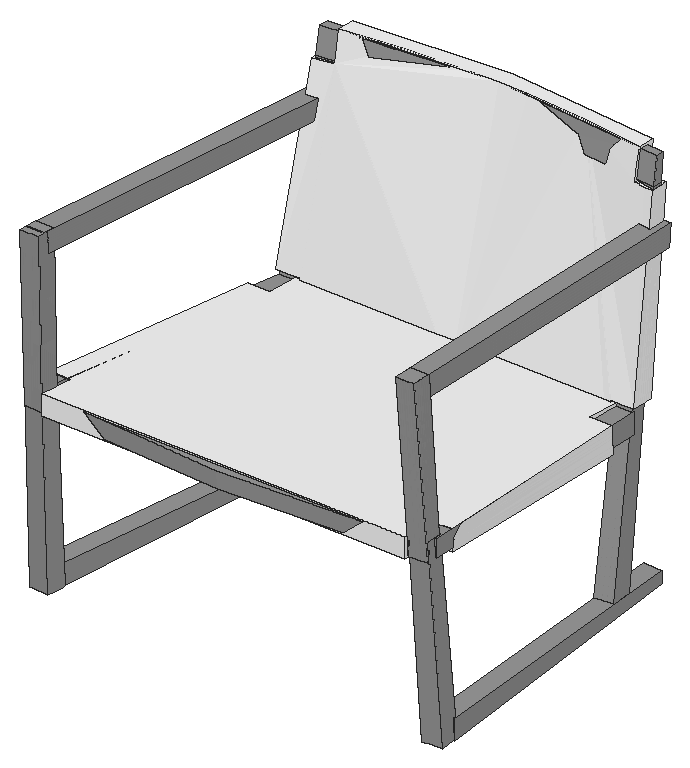
Revit family "Andreu World Serena Teak BU-1193", category Mobiliario, Revit 2014
Parameters (values of type "BU-1193")
  Width = 790 mm
  Upholstery = Indoor Sand Woven Band
  URL = "https://www.andreuworld.com/workspaces"
  Structure Finish = Andreu World Wood Finish
  Reference = "BU-1193"  # constant formula
  Modelo = "Serena Teak"  # constant formula
  Height = 725 mm
  Fabricante = "Andreu World"  # constant formula
  Descripción = "Lounge chair with webbing seat and backrest and solid teak wood frame"  # constant formula
  Depth = 695 mm
Reference planes
  plane 1 "Centro (Frontal/Posterior)": y = 0
  plane 2: z = 0
  plane 3 "Centro (Izquierda/Derecha)": x = 0
  plane 4: y = 347.5
  plane 5: x = 395
  plane 6: y = -347.5
  plane 7: x = -395
  plane 8: z = 725
Forms (mm)
  Blend 1, solid, material "Andreu World Wood Finish" <- "Structure Finish", detail levels medium+fine
    base sketch origin (0, 0, 0) x (1, 0, 0) y (0, 0, 1)
      loop
        line (-338.254, 23.7) -> (-338.254, 0) -> (-303.149, 0) -> (-303.149, 23.7) -> (-338.254, 23.7)
    top sketch origin (0, 0, 0) x (1, 0, 0) y (0, 0, 1)
      loop
        line (-395, 0) -> (-357.85, 0) -> (-357.85, 38.763) -> (-395, 38.763) -> (-395, 0)
    from -294.797 to 271.689
  Blend 2, solid, material "Andreu World Wood Finish" <- "Structure Finish", detail levels medium+fine
    base sketch origin (0, 0, 0) x (-1, 0, 0) y (0, 0, -1)
      loop
        line (-338.254, -23.7) -> (-303.149, -23.7) -> (-303.149, 0) -> (-338.254, 0) -> (-338.254, -23.7)
    top sketch origin (0, 0, 0) x (-1, 0, 0) y (0, 0, -1)
      loop
        line (-395, 0) -> (-395, -38.763) -> (-357.85, -38.763) -> (-357.85, 0) -> (-395, 0)
    from -294.797 to 271.689
  Blend 3, solid, material "Andreu World Wood Finish" <- "Structure Finish", detail levels medium+fine
    base sketch origin (0, 0, 0) x (1, 0, 0) y (0, 0, 1)
      loop
        line (-305.66, 286.665) -> (-305.66, 325.534) -> (-338.749, 325.534) -> (-338.749, 286.665) -> (-305.66, 286.665)
    top sketch origin (0, 0, 0) x (1, 0, 0) y (0, 0, 1)
      loop
        line (-389.004, 359.44) -> (-389.004, 327.549) -> (-355.453, 327.549) -> (-355.453, 359.44) -> (-389.004, 359.44)
    from -225.829 to 307.058
  Blend 4, solid, material "Andreu World Wood Finish" <- "Structure Finish", detail levels medium+fine
    base sketch origin (0, 0, 0) x (-1, 0, 0) y (0, 0, -1)
      loop
        line (-305.66, -286.665) -> (-338.749, -286.665) -> (-338.749, -325.534) -> (-305.66, -325.534) -> (-305.66, -286.665)
    top sketch origin (0, 0, 0) x (-1, 0, 0) y (0, 0, -1)
      loop
        line (-389.004, -359.44) -> (-355.453, -359.44) -> (-355.453, -327.549) -> (-389.004, -327.549) -> (-389.004, -359.44)
    from -225.829 to 307.058
  Blend 5, solid, material "Andreu World Wood Finish" <- "Structure Finish", detail levels medium+fine
    base sketch origin (0, 0, 0) x (-1, 0, 0) y (0, -1, 0)
      loop
        line (-395, 300.442) -> (-391.577, 263.804) -> (-354.591, 267.259) -> (-358.014, 303.898) -> (-395, 300.442)
    top sketch origin (0, 0, 0) x (-1, 0, 0) y (0, -1, 0)
      loop
        line (-384.977, 324.957) -> (-381.843, 291.152) -> (-347.971, 294.292) -> (-351.105, 328.097) -> (-384.977, 324.957)
    from 0 to 358.418
  Blend 6, solid, material "Andreu World Wood Finish" <- "Structure Finish", detail levels medium+fine
    base sketch origin (0, 0, 0) x (1, 0, 0) y (0, 1, 0)
      loop
        line (-345.117, 205.634) -> (-349.298, 165.854) -> (-314.368, 162.183) -> (-310.524, 201.998) -> (-345.117, 205.634)
    top sketch origin (0, 0, 0) x (1, 0, 0) y (0, 1, 0)
      loop
        line (-321.801, 312.664) -> (-323.544, 292.741) -> (-291.019, 298.476) -> (-289.276, 318.4) -> (-321.801, 312.664)
    from 25.796 to 676.606
  Blend 7, solid, material "Andreu World Wood Finish" <- "Structure Finish", detail levels medium+fine
    base sketch origin (0, 0, 0) x (-1, 0, 0) y (0, -1, 0)
      loop
        line (-345.117, -205.634) -> (-310.524, -201.998) -> (-314.368, -162.183) -> (-349.298, -165.854) -> (-345.117, -205.634)
    top sketch origin (0, 0, 0) x (-1, 0, 0) y (0, -1, 0)
      loop
        line (-321.801, -312.664) -> (-289.276, -318.4) -> (-291.019, -298.476) -> (-323.544, -292.741) -> (-321.801, -312.664)
    from 25.796 to 676.606
  Blend 8, solid, material "Andreu World Wood Finish" <- "Structure Finish", detail levels medium+fine
    base sketch origin (0, 0, 0) x (1, 0, 0) y (0, 1, 0)
      loop
        line (-321.801, 312.664) -> (-323.544, 292.741)
        arc (-323.544, 292.741) -> (0, 322.102) -> (323.544, 292.741) r 1797.308
        line (323.544, 292.741) -> (321.801, 312.664)
        arc (321.801, 312.664) -> (0, 347.27) -> (-321.801, 312.664) r 1513.541
    top sketch origin (0, 0, 0) x (1, 0, 0) y (0, 1, 0)
      loop
        line (-320.331, 318.73) -> (-321.826, 301.643)
        arc (-321.826, 301.643) -> (0, 330.117) -> (321.826, 301.643) r 1832.977
        line (321.826, 301.643) -> (320.331, 318.73)
        arc (320.331, 318.73) -> (0, 347.341) -> (-320.331, 318.73) r 1807.553
    from 676.606 to 725
  Blend 9, solid, material "Andreu World Wood Finish" <- "Structure Finish", detail levels medium+fine
    base sketch origin (0, 0, 0) x (1, 0, 0) y (0, 1, 0)
      loop
        line (-312.703, 169.64) -> (311.456, 169.64) -> (311.456, 208.767) -> (-312.703, 208.767) -> (-312.703, 169.64)
    top sketch origin (0, 0, 0) x (1, 0, 0) y (0, 1, 0)
      loop
        line (-312.703, 218.711) -> (-312.703, 179.987) -> (312.091, 179.987) -> (312.091, 218.711) -> (-312.703, 218.711)
    from 291.568 to 319.193
  Blend 10, solid, material "Andreu World Wood Finish" <- "Structure Finish", detail levels medium+fine
    base sketch origin (0, 0, 0) x (1, 0, 0) y (0, 1, 0)
      loop
        line (-349.292, -291.845) -> (-351.73, -325.906)
        arc (-351.73, -325.906) -> (0, -345.277) -> (351.73, -325.906) r 3203.064
        line (351.73, -325.906) -> (349.292, -291.845) -> (-349.292, -291.845)
    top sketch origin (0, 0, 0) x (1, 0, 0) y (0, 1, 0)
      loop
        line (-349.292, -294.269) -> (-352.163, -327.979)
        arc (-352.163, -327.979) -> (0, -347.439) -> (352.163, -327.979) r 3196.271
        line (352.163, -327.979) -> (349.292, -294.269) -> (-349.292, -294.269)
    from 325.534 to 358.418
  Blend 11, solid, material "Indoor Sand Woven Band" <- "Upholstery", detail levels medium+fine
    base sketch origin (0, 0, 0) x (1, 0, 0) y (0, 1, 0)
      loop
        line (-345, 254.888) -> (-345, 212.304) -> (345, 212.304) -> (345, 254.888) -> (-345, 254.888)
    top sketch origin (0, 0, 0) x (1, 0, 0) y (0, 1, 0)
      loop
        line (-320.978, 331.122) -> (-323.885, 297.9)
        arc (-323.885, 297.9) -> (0, 326.13) -> (323.885, 297.9) r 1872.058
        line (323.885, 297.9) -> (321.042, 330.393)
        arc (321.042, 330.393) -> (0.065, 359.902) -> (-320.978, 331.122) r 1782.484
    from 284.456 to 728.349
  Extrusion 12, void
    sketch origin (0, 0, 0) x (1, 0, 0) y (0, 0, 1)
      loop
        line (-337.385, 737.982) -> (-337.385, 672.982) -> (-287.385, 672.982) -> (-287.385, 737.982) -> (-337.385, 737.982)
      loop
        line (337.385, 737.982) -> (287.385, 737.982) -> (287.385, 672.982) -> (337.385, 672.982) -> (337.385, 737.982)
      loop
        line (-297.065, 333.76) -> (-357.065, 333.76) -> (-357.065, 273.76) -> (-297.065, 273.76) -> (-297.065, 333.76)
      loop
        line (297.065, 333.76) -> (297.065, 273.76) -> (357.065, 273.76) -> (357.065, 333.76) -> (297.065, 333.76)
    from -357.51 to -174.987
  Blend 13, solid, material "Indoor Sand Woven Band" <- "Upholstery", detail levels medium+fine
    base sketch origin (0, 0, 0) x (1, 0, 0) y (0, 0, 1)
      loop
        line (-342.385, 330.428) -> (-344.98, 280.428) -> (344.98, 280.428) -> (342.385, 330.428) -> (-342.385, 330.428)
    top sketch origin (0, 0, 0) x (1, 0, 0) y (0, 0, 1)
      loop
        line (-393.636, 361.936) -> (-393.636, 324.44) -> (392.729, 324.44) -> (392.729, 361.936) -> (-393.636, 361.936)
    from -225.829 to 355.709
  Extrusion 14, void
    sketch origin (0, 0, 0) x (1, 0, 0) y (0, 1, 0)
      loop
        line (-395, -262.5) -> (-405.453, -361.952) -> (405.453, -361.952) -> (395, -262.5) -> (345.274, -267.726) -> (347.542, -332.687)
        arc (347.542, -332.687) -> (0, -350.724) -> (-347.542, -332.687) r 3357.319
        line (-347.542, -332.687) -> (-345.274, -267.726) -> (-395, -262.5)
      loop
        line (-363.575, 243.279) -> (-363.575, 161.398) -> (-306.179, 161.398) -> (-306.179, 243.279) -> (-363.575, 243.279)
      loop
        line (363.575, 229.375) -> (306.179, 229.375) -> (306.179, 161.398) -> (363.575, 161.398) -> (363.575, 229.375)
    from 271.815 to 372.072
  Blend 15, solid, material "Andreu World Wood Finish" <- "Structure Finish", detail levels medium+fine
    base sketch origin (0, 0, 0) x (1, 0, 0) y (0, 0, 1)
      loop
        line (342.851, 573.784) -> (340.759, 612.547) -> (305.374, 612.547) -> (307.466, 573.784) -> (342.851, 573.784)
    top sketch origin (0, 0, 0) x (1, 0, 0) y (0, 0, 1)
      loop
        line (376.56, 600) -> (376.56, 638.603) -> (341.987, 638.603) -> (343.112, 600) -> (376.56, 600)
    from -318.73 to 332.687
  Blend 16, solid, material "Andreu World Wood Finish" <- "Structure Finish", detail levels medium+fine
    base sketch origin (0, 0, 0) x (1, 0, 0) y (0, 1, 0)
      loop
        line (381.845, -291.166) -> (347.98, -294.306) -> (351.112, -328.096) -> (384.977, -324.957) -> (381.845, -291.166)
    top sketch origin (0, 0, 0) x (1, 0, 0) y (0, 1, 0)
      loop
        line (376.645, -347.5) -> (376.645, -310.82) -> (341.645, -310.82) -> (341.645, -347.5) -> (376.645, -347.5)
    from 325.534 to 638.603
  Blend 17, solid, material "Andreu World Wood Finish" <- "Structure Finish", detail levels medium+fine
    base sketch origin (0, 0, 0) x (1, 0, 0) y (0, 1, 0)
      loop
        line (-395, -300.442) -> (-358.014, -303.898) -> (-354.591, -267.259) -> (-391.577, -263.804) -> (-395, -300.442)
    top sketch origin (0, 0, 0) x (1, 0, 0) y (0, 1, 0)
      loop
        line (-384.977, -324.957) -> (-351.105, -328.097) -> (-347.971, -294.292) -> (-381.843, -291.152) -> (-384.977, -324.957)
    from 0 to 358.418
  Blend 18, solid, material "Andreu World Wood Finish" <- "Structure Finish", detail levels medium+fine
    base sketch origin (0, 0, 0) x (-1, 0, 0) y (0, -1, 0)
      loop
        line (381.845, 291.166) -> (384.977, 324.957) -> (351.112, 328.096) -> (347.98, 294.306) -> (381.845, 291.166)
    top sketch origin (0, 0, 0) x (-1, 0, 0) y (0, -1, 0)
      loop
        line (376.645, 347.5) -> (341.645, 347.5) -> (341.645, 310.82) -> (376.645, 310.82) -> (376.645, 347.5)
    from 325.534 to 638.603
  Extrusion 19, void
    sketch origin (0, 0, 0) x (0, 1, 0) y (0, 0, 1)
      loop
        line (312.782, 621.645) -> (303.739, 568.482) -> (328.739, 568.482) -> (328.739, 621.645) -> (312.782, 621.645)
    from -370.441 to 354.422
  Blend 20, solid, material "Andreu World Wood Finish" <- "Structure Finish", detail levels medium+fine
    base sketch origin (0, 0, 0) x (-1, 0, 0) y (0, 0, -1)
      loop
        line (342.851, -573.784) -> (307.466, -573.784) -> (305.374, -612.547) -> (340.759, -612.547) -> (342.851, -573.784)
    top sketch origin (0, 0, 0) x (-1, 0, 0) y (0, 0, -1)
      loop
        line (376.56, -600) -> (343.112, -600) -> (341.987, -638.603) -> (376.56, -638.603) -> (376.56, -600)
    from -318.73 to 332.687
Cuts and joins
  Extrusion 12 cuts Blend 11
  Extrusion 14 cuts Blend 13
  Extrusion 19 cuts Blend 15
  joined: Blend 5, Blend 15, Blend 16
  Extrusion 19 cuts Blend 20
Lines and regions (mm)
  model lines, detail levels coarse+medium
    curve 1: line (-395, -300.442, 0) -> (-338.254, 299.797, 0)
    curve 2: line (-338.254, 299.797, 0) -> (-326.408, 299.797, 0)
    curve 3: line (-320.331, 318.73, 0) -> (-343.2, 247.476, 0)
    curve 4: line (-321.826, 301.643, 0) -> (-350.825, 166.823, 0)
    curve 5: line (384.977, -324.957, 0) -> (395, -300.442, 0)
    curve 6: line (395, -300.442, 0) -> (338.254, 299.797, 0)
    curve 7: line (338.254, 299.797, 0) -> (326.408, 299.797, 0)
    curve 8: line (320.331, 318.73, 0) -> (343.2, 247.476, 0)
    curve 9: line (321.826, 301.643, 0) -> (350.825, 166.823, 0)
    curve 10: arc (-320.331, 318.73, 0) -> (0, 347.341, 0) -> (320.331, 318.73, 0) r 1807.553
    curve 11: arc (-321.826, 301.643, 0) -> (0, 326.016, 0) -> (321.826, 301.643, 0) r 2136.95
    curve 12: arc (-342.655, 220.939, 0) -> (0, 234.557, 0) -> (342.655, 220.939, 0) r 4317.693
    curve 13: line (-320.331, 318.73, 0) -> (-321.826, 301.643, 0)
    curve 14: line (321.826, 301.643, 0) -> (320.331, 318.73, 0)
    curve 15: arc (-340.653, -329.847, 0) -> (0, -347.432, 0) -> (340.653, -329.847, 0) r 3308.356
    curve 16: line (-341.645, -347.5, 0) -> (-309.555, 223.446, 0)
    curve 17: line (-376.645, -347.5, 0) -> (-340.427, 311.505, 0)
    curve 18: line (-340.427, 311.505, 0) -> (-322.65, 311.505, 0)
    curve 19: line (-376.645, -347.5, 0) -> (-341.645, -347.5, 0)
    curve 20: line (-395, -300.442, 0) -> (-376.645, -347.5, 0)
    curve 21: line (341.645, -347.5, 0) -> (309.555, 223.446, 0)
    curve 22: line (376.645, -347.5, 0) -> (340.427, 311.505, 0)
    curve 23: line (376.645, -347.5, 0) -> (341.645, -347.5, 0)
    curve 24: line (395, -300.442, 0) -> (376.645, -347.5, 0)
    curve 25: line (340.427, 311.505, 0) -> (322.65, 311.505, 0)
Dimensions and locks
  equal spacing: plane 7, plane 3 "Centro (Izquierda/Derecha)", plane 5
  "Width": plane 7 to plane 5
  equal spacing: plane 4, plane 1 "Centro (Frontal/Posterior)", plane 6
  "Depth": plane 4 to plane 6
  "Height": plane 8 to level
  aligned and locked: level to plane 2
Automatic sketch dimensions
  Blend 1 sketch curve to level = 0 mm  (x2)
  plane 7 to Blend 1 sketch curve = 56.746 mm
  Blend 1 sketch curve to Blend 1 sketch curve = 35.104 mm
  level to Blend 1 sketch curve = 23.7 mm
  Blend 1 sketch curve to plane 7 = 0 mm
  plane 7 to Blend 1 sketch curve = 37.15 mm
  level to Blend 1 sketch curve = 38.763 mm
  Blend 2 sketch curve to level = 0 mm  (x2)
  plane 5 to Blend 2 sketch curve = 56.746 mm
  Blend 2 sketch curve to Blend 2 sketch curve = 35.104 mm
  Blend 2 sketch curve to level = 23.7 mm
  Blend 2 sketch curve to plane 5 = 0 mm
  plane 5 to Blend 2 sketch curve = 37.15 mm
  Blend 2 sketch curve to Blend 2 sketch curve = 38.763 mm
  plane 7 to Blend 3 sketch curve = 56.251 mm
  Blend 3 sketch curve to Blend 3 sketch curve = 33.089 mm
  level to Blend 3 sketch curve = 286.665 mm
  Blend 3 sketch curve to Blend 3 sketch curve = 38.87 mm
  plane 7 to Blend 3 sketch curve = 5.996 mm
  Blend 3 sketch curve to Blend 3 sketch curve = 33.551 mm
  level to Blend 3 sketch curve = 327.549 mm
  Blend 3 sketch curve to Blend 3 sketch curve = 31.892 mm
  plane 5 to Blend 4 sketch curve = 56.251 mm
  Blend 4 sketch curve to Blend 4 sketch curve = 33.089 mm
  Blend 4 sketch curve to level = 286.665 mm
  Blend 4 sketch curve to Blend 4 sketch curve = 38.87 mm
  plane 5 to Blend 4 sketch curve = 5.996 mm
  Blend 4 sketch curve to Blend 4 sketch curve = 33.551 mm
  Blend 4 sketch curve to level = 327.549 mm
  Blend 4 sketch curve to Blend 4 sketch curve = 31.892 mm
  Blend 5 sketch curve to plane 5 = 0 mm
  plane 5 to Blend 5 sketch curve = 3.423 mm
  plane 5 to Blend 5 sketch curve = 36.986 mm
  Blend 5 sketch curve to plane 6 = 43.602 mm
  Blend 5 sketch curve to Blend 5 sketch curve = 3.456 mm
  plane 5 to Blend 5 sketch curve = 10.023 mm
  plane 5 to Blend 5 sketch curve = 13.157 mm
  Blend 5 sketch curve to plane 6 = 19.403 mm
  Blend 5 sketch curve to Blend 5 sketch curve = 33.872 mm
  Blend 5 sketch curve to Blend 5 sketch curve = 3.14 mm
  plane 7 to Blend 6 sketch curve = 45.702 mm
  Blend 6 sketch curve to Blend 6 sketch curve = 4.181 mm
  Blend 6 sketch curve to Blend 6 sketch curve = 34.93 mm
  Blend 6 sketch curve to Blend 6 sketch curve = 34.594 mm
  Blend 6 sketch curve to plane 1 "Centro (Frontal/Posterior)" = 162.183 mm
  Blend 6 sketch curve to Blend 6 sketch curve = 3.671 mm
  plane 7 to Blend 6 sketch curve = 71.456 mm
  Blend 6 sketch curve to plane 4 = 34.836 mm
  Blend 6 sketch curve to Blend 6 sketch curve = 1.743 mm  (x2)
  Blend 6 sketch curve to plane 4 = 49.024 mm
  Blend 6 sketch curve to Blend 6 sketch curve = 32.525 mm
  Blend 6 sketch curve to plane 4 = 29.1 mm
  Blend 6 sketch curve to Blend 6 sketch curve = 19.924 mm
  plane 5 to Blend 7 sketch curve = 45.702 mm
  Blend 7 sketch curve to Blend 7 sketch curve = 4.181 mm
  Blend 7 sketch curve to Blend 7 sketch curve = 34.93 mm
  Blend 7 sketch curve to Blend 7 sketch curve = 34.594 mm
  plane 1 "Centro (Frontal/Posterior)" to Blend 7 sketch curve = 162.183 mm
  Blend 7 sketch curve to Blend 7 sketch curve = 3.671 mm
  plane 5 to Blend 7 sketch curve = 71.456 mm
  plane 4 to Blend 7 sketch curve = 34.836 mm
  Blend 7 sketch curve to Blend 7 sketch curve = 1.743 mm  (x2)
  plane 4 to Blend 7 sketch curve = 49.024 mm
  Blend 7 sketch curve to Blend 7 sketch curve = 32.525 mm
  plane 4 to Blend 7 sketch curve = 29.1 mm
  Blend 7 sketch curve to Blend 7 sketch curve = 19.924 mm
  Blend 8 sketch curve to plane 3 "Centro (Izquierda/Derecha)" = 0 mm  (x4)
  Blend 8 sketch curve to plane 4 = 34.836 mm  (x2)
  plane 7 to Blend 8 sketch curve = 73.199 mm
  Blend 8 sketch curve to Blend 8 sketch curve = 1.743 mm  (x2)
  Blend 8 sketch curve to Blend 8 sketch curve = 19.924 mm
  Blend 8 sketch curve to plane 6 = 818.771 mm
  Blend 8 sketch curve to Blend 8 sketch curve = 308.935 mm
  Blend 8 sketch curve to plane 4 = 28.77 mm  (x2)
  plane 7 to Blend 8 sketch curve = 74.669 mm
  Blend 8 sketch curve to plane 4 = 45.857 mm  (x2)
  Blend 8 sketch curve to Blend 8 sketch curve = 1.495 mm
  Blend 8 sketch curve to plane 6 = 1112.712 mm
  Blend 8 sketch curve to Blend 8 sketch curve = 42.648 mm
  plane 7 to Blend 9 sketch curve = 82.297 mm  (x2)
  Blend 9 sketch curve to plane 5 = 83.544 mm
  Blend 9 sketch curve to plane 1 "Centro (Frontal/Posterior)" = 169.64 mm
  Blend 9 sketch curve to Blend 9 sketch curve = 39.127 mm
  Blend 9 sketch curve to plane 5 = 82.909 mm
  Blend 9 sketch curve to plane 4 = 167.513 mm
  Blend 9 sketch curve to Blend 9 sketch curve = 38.724 mm
  Blend 10 sketch curve to plane 3 "Centro (Izquierda/Derecha)" = 0 mm  (x2)
  plane 7 to Blend 10 sketch curve = 45.708 mm  (x2)
  plane 6 to Blend 10 sketch curve = 21.594 mm  (x2)
  Blend 10 sketch curve to Blend 10 sketch curve = 2.438 mm
  Blend 10 sketch curve to plane 5 = 45.708 mm  (x2)
  Blend 10 sketch curve to Blend 10 sketch curve = 34.061 mm
  plane 4 to Blend 10 sketch curve = 2510.287 mm
  plane 6 to Blend 10 sketch curve = 19.521 mm  (x2)
  Blend 10 sketch curve to Blend 10 sketch curve = 2.871 mm
  Blend 10 sketch curve to Blend 10 sketch curve = 33.711 mm
  plane 4 to Blend 10 sketch curve = 2501.332 mm
  plane 7 to Blend 11 sketch curve = 50 mm
  Blend 11 sketch curve to plane 5 = 50 mm
  Blend 11 sketch curve to plane 4 = 135.196 mm
  Blend 11 sketch curve to Blend 11 sketch curve = 42.584 mm
  Blend 11 sketch curve to plane 3 "Centro (Izquierda/Derecha)" = 0 mm
  Blend 11 sketch curve to plane 3 "Centro (Izquierda/Derecha)" = 1.959 mm
  Blend 11 sketch curve to plane 4 = 16.378 mm
  plane 7 to Blend 11 sketch curve = 74.022 mm
  Blend 11 sketch curve to Blend 11 sketch curve = 2.907 mm
  Blend 11 sketch curve to plane 4 = 17.107 mm
  plane 3 "Centro (Izquierda/Derecha)" to Blend 11 sketch curve = 321.042 mm
  Blend 11 sketch curve to Blend 11 sketch curve = 2.843 mm
  Blend 11 sketch curve to Blend 11 sketch curve = 123.346 mm
  Blend 11 sketch curve to Blend 11 sketch curve = 33.222 mm
  plane 7 to Extrusion 12 sketch curve = 37.935 mm
  plane 7 to Extrusion 12 sketch curve = 57.615 mm
  Extrusion 12 sketch curve to Extrusion 12 sketch curve = 60 mm  (x3)
  plane 8 to Extrusion 12 sketch curve = 12.982 mm  (x2)
  Extrusion 12 sketch curve to Extrusion 12 sketch curve = 50 mm  (x2)
  Extrusion 12 sketch curve to plane 8 = 52.018 mm  (x2)
  Extrusion 12 sketch curve to plane 5 = 107.615 mm
  Extrusion 12 sketch curve to plane 5 = 97.935 mm
  Extrusion 12 sketch curve to plane 5 = 37.935 mm
  level to Extrusion 12 sketch curve = 333.76 mm  (x2)
  plane 7 to Blend 13 sketch curve = 50.02 mm
  Blend 13 sketch curve to Blend 13 sketch curve = 2.594 mm
  Blend 13 sketch curve to plane 5 = 52.615 mm
  Blend 13 sketch curve to plane 5 = 50.02 mm
  level to Blend 13 sketch curve = 280.428 mm
  Blend 13 sketch curve to Blend 13 sketch curve = 50 mm
  plane 7 to Blend 13 sketch curve = 1.364 mm
  Blend 13 sketch curve to plane 5 = 2.271 mm
  level to Blend 13 sketch curve = 324.44 mm
  Blend 13 sketch curve to Blend 13 sketch curve = 37.496 mm
  Extrusion 14 sketch curve to plane 7 = 0 mm
  Extrusion 14 sketch curve to plane 3 "Centro (Izquierda/Derecha)" = 0 mm
  Extrusion 14 sketch curve to plane 5 = 0 mm
  Extrusion 14 sketch curve to plane 7 = 10.453 mm
  plane 7 to Extrusion 14 sketch curve = 31.425 mm
  plane 6 to Extrusion 14 sketch curve = 14.813 mm  (x2)
  plane 7 to Extrusion 14 sketch curve = 47.458 mm
  plane 7 to Extrusion 14 sketch curve = 49.726 mm
  Extrusion 14 sketch curve to Extrusion 14 sketch curve = 57.396 mm
  Extrusion 14 sketch curve to plane 5 = 88.821 mm
  Extrusion 14 sketch curve to plane 5 = 49.726 mm
  Extrusion 14 sketch curve to plane 5 = 31.425 mm
  plane 5 to Extrusion 14 sketch curve = 10.453 mm
  Extrusion 14 sketch curve to plane 6 = 14.452 mm
  Extrusion 14 sketch curve to Extrusion 14 sketch curve = 64.96 mm  (x2)
  Extrusion 14 sketch curve to plane 1 "Centro (Frontal/Posterior)" = 161.398 mm  (x2)
  Extrusion 14 sketch curve to Extrusion 14 sketch curve = 67.977 mm
  Extrusion 14 sketch curve to Extrusion 14 sketch curve = 81.881 mm
  plane 4 to Extrusion 14 sketch curve = 2659.096 mm
  Blend 15 sketch curve to plane 5 = 89.626 mm
  Blend 15 sketch curve to Blend 15 sketch curve = 2.092 mm
  Blend 15 sketch curve to Blend 15 sketch curve = 35.385 mm  (x2)
  Blend 15 sketch curve to plane 8 = 151.216 mm
  Blend 15 sketch curve to Blend 15 sketch curve = 38.763 mm
  Blend 15 sketch curve to plane 5 = 53.013 mm
  Blend 15 sketch curve to Blend 15 sketch curve = 1.125 mm
  Blend 15 sketch curve to plane 5 = 18.44 mm
  Blend 15 sketch curve to plane 8 = 125 mm
  Blend 15 sketch curve to Blend 15 sketch curve = 38.603 mm
  Blend 16 sketch curve to plane 5 = 47.02 mm
  plane 6 to Blend 16 sketch curve = 19.404 mm
  Blend 16 sketch curve to Blend 16 sketch curve = 3.132 mm
  Blend 16 sketch curve to plane 5 = 13.155 mm
  Blend 16 sketch curve to Blend 16 sketch curve = 3.139 mm
  Blend 16 sketch curve to plane 6 = 0 mm
  Blend 16 sketch curve to plane 5 = 53.355 mm
  Blend 16 sketch curve to plane 5 = 18.355 mm
  plane 6 to Blend 16 sketch curve = 36.68 mm
  Blend 17 sketch curve to plane 7 = 0 mm
  plane 7 to Blend 17 sketch curve = 3.423 mm
  plane 7 to Blend 17 sketch curve = 36.986 mm
  plane 6 to Blend 17 sketch curve = 43.602 mm
  Blend 17 sketch curve to Blend 17 sketch curve = 3.456 mm
  plane 7 to Blend 17 sketch curve = 10.023 mm
  plane 7 to Blend 17 sketch curve = 13.157 mm
  plane 6 to Blend 17 sketch curve = 19.403 mm
  Blend 17 sketch curve to Blend 17 sketch curve = 33.872 mm
  Blend 17 sketch curve to Blend 17 sketch curve = 3.14 mm
  Blend 18 sketch curve to plane 7 = 47.02 mm
  Blend 18 sketch curve to plane 6 = 19.404 mm
  Blend 18 sketch curve to Blend 18 sketch curve = 3.132 mm
  Blend 18 sketch curve to plane 7 = 13.155 mm
  Blend 18 sketch curve to Blend 18 sketch curve = 3.139 mm
  Blend 18 sketch curve to plane 6 = 0 mm
  Blend 18 sketch curve to plane 7 = 53.355 mm
  Blend 18 sketch curve to plane 7 = 18.355 mm
  Blend 18 sketch curve to plane 6 = 36.68 mm
  Extrusion 19 sketch curve to plane 4 = 43.761 mm
  Extrusion 19 sketch curve to plane 4 = 34.718 mm
  Extrusion 19 sketch curve to Extrusion 19 sketch curve = 15.957 mm
  Extrusion 19 sketch curve to plane 8 = 156.518 mm
  Extrusion 19 sketch curve to Extrusion 19 sketch curve = 53.164 mm
  Blend 20 sketch curve to plane 7 = 89.626 mm
  Blend 20 sketch curve to Blend 20 sketch curve = 2.092 mm
  Blend 20 sketch curve to Blend 20 sketch curve = 35.385 mm  (x2)
  plane 8 to Blend 20 sketch curve = 151.216 mm
  Blend 20 sketch curve to Blend 20 sketch curve = 38.763 mm
  Blend 20 sketch curve to plane 7 = 53.013 mm
  Blend 20 sketch curve to Blend 20 sketch curve = 1.125 mm
  Blend 20 sketch curve to plane 7 = 18.44 mm
  plane 8 to Blend 20 sketch curve = 125 mm
  Blend 20 sketch curve to Blend 20 sketch curve = 38.603 mm
  curve 20 to plane 7 = 0 mm
  curve 19 to plane 6 = 0 mm
  curve 12 to plane 3 "Centro (Izquierda/Derecha)" = 0 mm
  curve 11 to plane 3 "Centro (Izquierda/Derecha)" = 0 mm
  curve 15 to plane 3 "Centro (Izquierda/Derecha)" = 0 mm
  curve 10 to plane 3 "Centro (Izquierda/Derecha)" = 0 mm
  curve 21 to plane 6 = 0 mm
  curve 5 to plane 5 = 0 mm
  plane 7 to curve 19 = 18.355 mm
  curve 17 to curve 16 = 35 mm
  plane 7 to curve 17 = 54.573 mm
  curve 17 to curve 2 = 2.173 mm
  curve 1 to curve 4 = 16.427 mm
  curve 3 to plane 4 = 28.77 mm
  curve 4 to curve 3 = 1.495 mm
  curve 14 to plane 4 = 28.77 mm
  curve 10 to curve 9 = 1.495 mm
  curve 9 to curve 6 = 16.427 mm
  curve 6 to curve 22 = 2.173 mm
  curve 21 to plane 5 = 53.355 mm
  curve 23 to plane 5 = 18.355 mm
  curve 10 to plane 6 = 1112.712 mm
  curve 11 to curve 10 = 350.722 mm
  curve 12 to curve 11 = 2272.201 mm
  plane 6 to curve 1 = 47.058 mm
  plane 6 to curve 24 = 47.058 mm
  curve 1 to curve 3 = 18.934 mm
  curve 2 to curve 4 = 1.847 mm
  curve 1 to curve 18 = 11.709 mm
  curve 6 to curve 22 = 11.709 mm
  plane 4 to curve 15 = 2613.425 mm
  plane 7 to curve 4 = 44.175 mm
  plane 7 to curve 3 = 51.8 mm
  curve 3 to curve 12 = 0.545 mm
  plane 6 to curve 15 = 17.653 mm
  curve 16 to curve 15 = 0.992 mm
  curve 12 to curve 16 = 33.099 mm
  curve 21 to curve 11 = 12.271 mm
  curve 10 to curve 25 = 2.319 mm
  curve 9 to curve 7 = 4.582 mm
  curve 12 to curve 8 = 0.545 mm
  curve 9 to plane 5 = 44.175 mm
  curve 5 to plane 5 = 10.023 mm
  plane 6 to curve 5 = 22.543 mm
